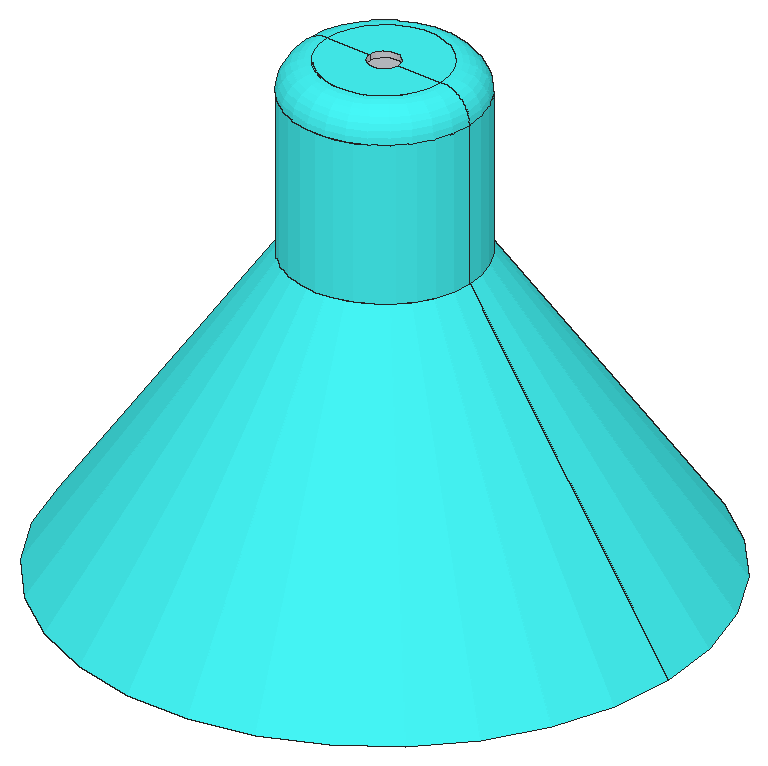
Revit family "HV108 SHADE", category Lighting Fixtures, Revit 2024
Family settings
  Round Connector Dimension = Use Diameter
  Part Type = Normal
  OmniClass Number = 23.80.70.00
  OmniClass Title = Lighting
  Work Plane-Based = No
  Always vertical = Yes
  Cut with Voids When Loaded = No
  Light Source = Yes
  Maintain Annotation Orientation = No
  Shared = No
  Room Calculation Point = No
Parameters
  Wattage = 12.1178 W
  built-in parameter 1150110 = 1 (stored number, unit not read)
  built-in parameter 1114217 = 1 (stored number, unit not read)
  built-in parameter 1150109 = 1 (stored number, unit not read)
  built-in parameter 1150134 = (empty or 0)
  built-in parameter 1150113 = 1 (stored number, unit not read)
  Lumens = 1800 lm
  built-in parameter 1150115 = 1 (stored number, unit not read)
  built-in parameter 1150105 = 572.96 (stored number, unit not read)
  Light Source Symbol Size = 2' - 0"
  built-in parameter 1150137 = (empty or 0)
  built-in parameter 1150139 = (empty or 0)
  built-in parameter 1150112 = 1 (stored number, unit not read)
  built-in parameter 1150114 = 1 (stored number, unit not read)
  built-in parameter 1150132 = 2
  built-in parameter 1150102 = (empty or 0)
  built-in parameter 1150138 = (empty or 0)
  built-in parameter 1150107 = 3000 (stored number, unit not read)
  built-in parameter 1150106 = 5.7296 (stored number, unit not read)
  built-in parameter 1150104 = 13.8 (stored number, unit not read)
  Dimming Lamp Color Temperature Shift = (empty or 0)
  Default Elevation = 0' - 0"
  Color Filter = 16777215
  built-in parameter 1114218 = 1 (stored number, unit not read)
  built-in parameter 1150133 = 10 (stored number, unit not read)
Reference planes (in)
  plane 1 "Light Source Axis (F/B)": y = 0
  plane 2: z = 0
  plane 3 "Light Source Axis (L/R)": x = 0
  plane 4 "Light Source Elevation": z = 54
Forms (in)
  Revolve 1, solid
    sketch origin (0, 0, 0) x (1, 0, 0) y (0, 0, 1)
      loop
        line (-5, 54) -> (-4.88556, 54) -> (-1.40625, 58.97045) -> (-1.40625, 61.5)
        arc (-1.40625, 61.5) -> (-1.28726, 61.78726) -> (-1, 61.90625) r 0.40625
        line (-1, 61.90625) -> (-0.25, 61.90625) -> (-0.25, 62) -> (-1, 62)
        arc (-1, 62) -> (-1.35355, 61.85355) -> (-1.5, 61.5) r 0.5
        line (-1.5, 61.5) -> (-1.5, 59) -> (-5, 54)
      axis (0, 62) -> (0, 54)
    angle from 0 to 360
Dimensions and locks (in)
  aligned and locked: plane 3 "Light Source Axis (L/R)" to imposter light
  aligned and locked: plane 1 "Light Source Axis (F/B)" to imposter light
  aligned and locked: plane 4 "Light Source Elevation" to imposter light
  aligned and locked: level to plane 2
